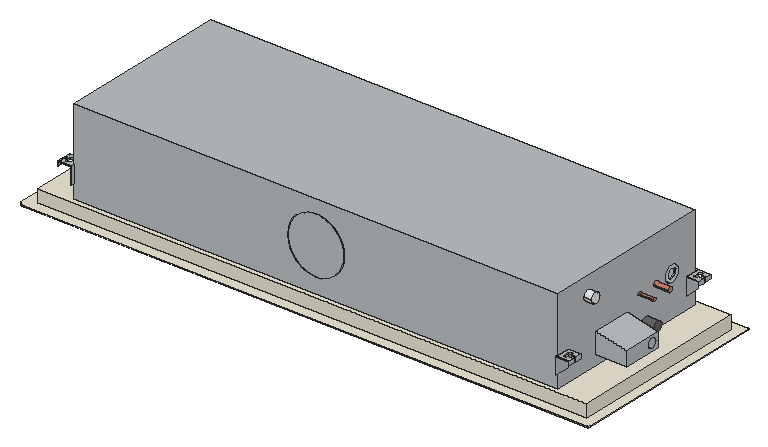
Revit family
Parameters (values of type "PLFY-P125VLMD-E")
  Description = "Ceiling concealed"
  Manufacturer = "Mitsubishi Electric Corporation"
  Model = "PLFY-P125VLMD-E"
  Type Comments = ""
  Width = 2010.00 mm
  Unit Weight(kg) = "56"
  URL = "http://global.mitsubishielectric.com/index.html"
  Suspension bolt pitch Depth [instance] = 574.00 mm
  Suspendion bolt pitch Width [instance] = 1756.00 mm
  Subcategory = "HVAC"
  Specification URL = "http://www.mitsubishielectric.eu/en/our_businesses/les"
  Sound Pressure Levels (dB(A)) = "40-42-44-46(220V, 240V), 40-42-44-46(230V)"
  Refrigerant type = "-"
  Refrigerant Charge = "-"
  Protection Devices Inverter = "Fuse"
  Protection Devices Fan = "-"
  Protection Devices Compressor = "-"
  Power source = "Galvanized"
  MOCP = "-"
  MCA = "-"
  Lubricant = "-"
  Liquid pipe = 4.76 mm
  Hight pressure Protection Device = "-"
  Height = ""
  Heating Power Input(kW) = "0.27/0.27"
  Heating Current(A) = "1.33/1.33"
  Heating Capacity (BTU) = "54600"
  Gus pipe = 7.94 mm
  Fan Type x Quantity = "Sirocco fan x 4"
  Fan Motor Output(kW) = "0.156"
  Depth [instance] = 710.00 mm
  Cooling Power Input(kW) = "0.28/0.28"
  Cooling Current(A) = "1.35/1.35"
  Cooling Capacity (BTU) = "47800"
  Connecting Pipe High pressure = "-"
  Compressor Type x Quantity = "-"
  Compressor Operating Range = "-"
  Compressor Motor Output = "-"
  Compressor Crankcase Heater = "-"
  Ceiling Opening Width [instance] = 1970.00 mm
  Ceiling Opening Depth [instance] = 670.00 mm
  Branch duct width = 754.00 mm
  Airflow Rate(cfm) = "848-953-1059-1165"
Reference planes
  plane 1 "中心(正面/背面)": y = 0
  plane 2: z = 0
  plane 3 "中心(左/右)": x = 0
  plane 4 "天井": z = 4000
  plane 5: x = 1005
  plane 6: x = -1005
  plane 7: y = 355
  plane 8: y = -355
  plane 9: x = -985
  plane 10: x = 985
  plane 11: x = -878
  plane 12: x = 878
  plane 13: x = 854
  plane 14: x = -854
  plane 15: y = -335
  plane 16: y = 335
  plane 17: y = -287
  plane 18: y = 287
  plane 19: y = 317
  plane 20: y = -317
  plane 21: z = 3980
  plane 22: z = 4045
  plane 23: z = 4345
  plane 24: z = 4153
  plane 25: z = 4079
  plane 26: y = -190
  plane 27: y = -120
  plane 28: y = 120
  plane 29: y = -95
  plane 30: y = 95
  plane 31: z = 4055
  plane 32: z = 4285
  plane 33: z = 4143
  plane 34: z = 4129
  plane 35: z = 4216
  plane 36: z = 4070
  plane 37: z = 4084
  plane 38: z = 4311
  plane 39: z = 4293
  plane 40: z = 4183
  plane 41: x = -967
  plane 42: x = 967
Forms (mm)
  Extrusion 1, solid, material "Plastic_Beige"
    sketch origin (0, 0, 4000) x (0, 1, 0) y (-1, 0, 0)
      loop
        arc (355, 995) -> (352.071, 1002.071) -> (345, 1005) r 10
        line (345, 1005) -> (-345, 1005)
        arc (-345, 1005) -> (-352.071, 1002.071) -> (-355, 995) r 10
        line (-355, 995) -> (-355, -995)
        arc (-355, -995) -> (-352.071, -1002.071) -> (-345, -1005) r 10
        line (-345, -1005) -> (345, -1005)
        arc (345, -1005) -> (352.071, -1002.071) -> (355, -995) r 10
        line (355, -995) -> (355, 995)
    from 0 to -20
  Extrusion 2, void
    sketch origin (0, 0, 0) x (1, 0, 0) y (0, 0, 1)
      loop
        arc (1005, 4000) -> (987.361, 3985.279) -> (965, 3980) r 50
        line (965, 3980) -> (1005, 3980) -> (1005, 4000)
      loop
        line (-1005, 4000) -> (-1005, 3980) -> (-965, 3980)
        arc (-965, 3980) -> (-987.361, 3985.279) -> (-1005, 4000) r 50
    from -355 to 355
  Extrusion 3, void
    sketch origin (0, 0, 0) x (0, 1, 0) y (0, 0, 1)
      loop
        line (-355, 4000) -> (-355, 3980) -> (-315, 3980)
        arc (-315, 3980) -> (-337.361, 3985.279) -> (-355, 4000) r 50
      loop
        arc (355, 4000) -> (337.361, 3985.279) -> (315, 3980) r 50
        line (315, 3980) -> (355, 3980) -> (355, 4000)
    from -1005 to 1005
  Extrusion 4, solid, material "Plastic_Beige"
    sketch origin (0, 0, 4000) x (0, 1, 0) y (-1, 0, 0)
      loop
        line (317, 967) -> (-317, 967) -> (-317, -967) -> (317, -967) -> (317, 967)
    from 0 to 45
  Extrusion 5, void
    sketch origin (0, 0, 4000) x (0, 1, 0) y (-1, 0, 0)
      loop
        line (306.206, 897.75) -> (240.206, 897.75) -> (240.206, -897.75) -> (304.803, -897.75)
        arc (304.803, -897.75) -> (312.246, -894.667) -> (315.329, -887.224) r 10.526
        line (315.329, -887.224) -> (315.329, 888.627)
        arc (315.329, 888.627) -> (312.657, 895.078) -> (306.206, 897.75) r 9.123
      loop
        arc (223.706, 887.75) -> (220.777, 894.821) -> (213.706, 897.75) r 10
        line (213.706, 897.75) -> (149.406, 897.75) -> (149.406, -897.75) -> (213.706, -897.75)
        arc (213.706, -897.75) -> (220.777, -894.821) -> (223.706, -887.75) r 10
        line (223.706, -887.75) -> (223.706, 887.75)
      loop
        arc (-306.206, 898.75) -> (-312.657, 896.078) -> (-315.329, 889.627) r 9.123
        line (-315.329, 889.627) -> (-315.329, -888.224)
        arc (-315.329, -888.224) -> (-312.246, -895.667) -> (-304.803, -898.75) r 10.526
        line (-304.803, -898.75) -> (-240.206, -898.75) -> (-240.206, 898.75) -> (-306.206, 898.75)
      loop
        line (-223.706, 888.75) -> (-223.706, -888.75)
        arc (-223.706, -888.75) -> (-220.777, -895.821) -> (-213.706, -898.75) r 10
        line (-213.706, -898.75) -> (-149.406, -898.75) -> (-149.406, 898.75) -> (-213.706, 898.75)
        arc (-213.706, 898.75) -> (-220.777, 895.821) -> (-223.706, 888.75) r 10
    from -5.146 to -40.01
  Extrusion 6, solid, material "Plated steel"
    sketch origin (0, 0, 4045) x (0, 1, 0) y (-1, 0, 0)
      loop
        line (-303, 854) -> (-303, -854) -> (303, -854) -> (303, 854) -> (-303, 854)
    from 0 to 300
  Extrusion 7, solid, material "Copper"
    sketch origin (854, -317, 4045) x (0, 1, 0) y (0, 0, 1)
      loop
        circle (442, 145) r 7.94
    from 0 to 55
  Extrusion 8, solid, material "Copper"
    sketch origin (0, 0, 0) x (0, 1, 0) y (0, 0, 1)
      loop
        circle (55, 4190) r 4.76
    from 854 to 909
  Blend 9, solid, material "Plated steel"
    base sketch origin (854, 347, 4197.405) x (0, -1, 0) y (0, 0, -1)
      loop
        line (347, 115) -> (347, 41.5) -> (485, 41.5) -> (485, 115) -> (347, 115)
    top sketch origin (854, 347, 4197.405) x (0, -1, 0) y (0, 0, -1)
      loop
        line (347, 115) -> (347, 65) -> (485, 65) -> (485, 115) -> (347, 115)
    from 0 to 112
  Extrusion 10, solid, material "Plastic_Gray"
    sketch origin (854, -317, 4045) x (0, 1, 0) y (0, 0, 1)
      loop
        circle (398, 45) r 16
    from 0 to 46
  Extrusion 11, solid, material "Plastic_White"
    sketch origin (854, -317, 4045) x (0, 1, 0) y (0, 0, 1)
      loop
        circle (144, 240) r 16.9
    from 0 to 29.2
  Extrusion 12, void
    sketch origin (854, -317, 4045) x (0, -1, 0) y (0, 0, 1)
      loop
        circle (-514, 145) r 19.25
    from 0 to 20
  Extrusion 13, solid
    sketch origin (854, -317, 4045) x (0, 1, 0) y (0, 0, 1)
      loop
        circle (514, 145) r 18.75
    from 0 to -8
  Extrusion 14, void
    sketch origin (854, -317, 4045) x (0, -1, 0) y (0, 0, 1)
      loop
        circle (-514, 145) r 17.75
    from 0 to 7
  Extrusion 15, solid
    sketch origin (854, -317, 4045) x (0, 1, 0) y (0, 0, 1)
      loop
        circle (514, 145) r 27.75
      loop
        circle (514, 145) r 17.75
    from 0 to 2
  Extrusion 16, solid, material "Plated steel"
    sketch origin (966, 403.553, 4194.999) x (0, -1, 0) y (0, 0, -1)
      loop
        circle (433.553, 84.999) r 15
    from 0 to 2
  Extrusion 17, void
    sketch origin (-854, -303, 4045) x (-1, 0, 0) y (0, 0, 1)
      loop
        circle (-856, 155) r 100
      loop
        circle (-856, 155) r 99
    from 0 to 2
  Extrusion 18, void
    sketch origin (-854, 317, 4045) x (0, 1, 0) y (0, 0, 1)
      loop
        circle (-317, 119) r 75
      loop
        circle (-317, 119) r 74
    from 0 to 2
Cuts and joins
  Extrusion 2, Extrusion 3, Extrusion 5 cuts Extrusion 1
  Extrusion 5 cuts Extrusion 4
  Extrusion 12, Extrusion 14, Extrusion 17, Extrusion 18 cuts Extrusion 6
  Extrusion 14 cuts Extrusion 13
Dimensions and locks
  equal spacing: host sketch curve, plane 3 "中心(左/右)", host sketch curve
  equal spacing: host sketch curve, plane 1 "中心(正面/背面)", host sketch curve
  host sketch curve to host sketch curve = 4000.00 mm  (x2)
  locked: plane 4 "天井" to host ceiling at 0
  "Width": plane 6 to plane 5
  equal spacing: plane 6, plane 3 "中心(左/右)", plane 5
  equal spacing: plane 8, plane 1 "中心(正面/背面)", plane 7
  "Depth": plane 8 to plane 7
  locked: plane 6 to plane 9 at 20
  locked: plane 10 to plane 5 at 20
  "Ceiling Opening Width": plane 9 to plane 10
  locked: plane 9 to plane 11 at 107
  locked: plane 12 to plane 10 at 107
  plane 5 to plane 13 = 151.00 mm
  plane 14 to plane 6 = 151.00 mm
  plane 13 to plane 14 = 1708.00 mm
  locked: plane 8 to plane 15 at 20
  locked: plane 16 to plane 7 at 20
  "Ceiling Opening Depth": plane 15 to plane 16
  locked: plane 8 to plane 17 at 68
  locked: plane 18 to plane 7 at 68
  "Suspension bolt pitch Depth": plane 17 to plane 18
  plane 20 to plane 19 = 634.00 mm
  equal spacing: plane 20, plane 1 "中心(正面/背面)", plane 19
  locked: host ceiling to plane 21 at 20
  locked: plane 22 to host ceiling at 45
  locked: plane 26 to plane 19 at 507
  locked: plane 27 to plane 20 at 197
  locked: plane 28 to plane 27 at 240
  locked: plane 30 to plane 29 at 190
  locked: plane 29 to plane 20 at 222
  locked: plane 22 to plane 31 at 10
  locked: plane 31 to plane 23 at 290
  locked: plane 24 to plane 23 at 192
  locked: plane 25 to plane 23 at 266
  locked: plane 32 to plane 23 at 60
  locked: plane 33 to plane 23 at 202
  locked: plane 34 to plane 23 at 216
  locked: plane 36 to plane 33 at 73
  locked: plane 37 to plane 34 at 45
  locked: plane 38 to plane 23 at 34
  locked: plane 39 to plane 23 at 52
  locked: plane 40 to plane 39 at 110
  locked: plane 42 to plane 5 at 38
  locked: plane 6 to plane 41 at 38
  locked: plane 6 to Extrusion 5 sketch curve at 107.25  (x2)
  locked: Extrusion 5 sketch curve to Extrusion 5 sketch curve at 66  (x2)
  Extrusion 5 sketch curve to Extrusion 5 sketch curve = 64.596 mm
  locked: Extrusion 5 sketch curve to plane 5 at 107.25  (x2)
  locked: Extrusion 5 sketch curve to Extrusion 5 sketch curve at 74.3  (x2)
  cut or joined group of Extrusion 1, Extrusion 2, Extrusion 3, Extrusion 5 to cut or joined group of Extrusion 1, Extrusion 2, Extrusion 3, Extrusion 5 = 5.146 mm
  Blend 9 sketch curve to plane 20 = 317.00 mm
  locked: Blend 9 sketch curve to Blend 9 sketch curve at 138
  plane 23 to Blend 9 sketch curve = 262.595 mm
  locked: Blend 9 sketch curve to Blend 9 sketch curve at 73.5
  Blend 9 sketch curve to Blend 9 sketch curve = 50.00 mm
  plane 15 to Extrusion 12 sketch curve = 532.00 mm
  Extrusion 12 sketch curve to plane 23 = 155.00 mm
  "Suspendion bolt pitch Width": plane 11 to plane 12
  Extrusion 11 sketch curve to cut or joined group of Extrusion 6, Extrusion 12, Extrusion 14, Extrusion 17, Extrusion 18 = 476.00 mm
  Extrusion 10 sketch curve to cut or joined group of Extrusion 6, Extrusion 12, Extrusion 14, Extrusion 17, Extrusion 18 = 222.00 mm
  cut or joined group of Extrusion 6, Extrusion 12, Extrusion 14, Extrusion 17, Extrusion 18 to Extrusion 10 sketch curve = 255.00 mm
  Extrusion 15 sketch curve to cut or joined group of Extrusion 6, Extrusion 12, Extrusion 14, Extrusion 17, Extrusion 18 = 106.00 mm
  cut or joined group of Extrusion 6, Extrusion 12, Extrusion 14, Extrusion 17, Extrusion 18 to Extrusion 15 sketch curve = 155.00 mm
  Extrusion 12 sketch curve to cut or joined group of Extrusion 6, Extrusion 12, Extrusion 14, Extrusion 17, Extrusion 18 = 106.00 mm
  cut or joined group of Extrusion 6, Extrusion 12, Extrusion 14, Extrusion 17, Extrusion 18 to Extrusion 12 sketch curve = 155.00 mm
  Extrusion 13 sketch curve to cut or joined group of Extrusion 6, Extrusion 12, Extrusion 14, Extrusion 17, Extrusion 18 = 106.00 mm
  cut or joined group of Extrusion 6, Extrusion 12, Extrusion 14, Extrusion 17, Extrusion 18 to Extrusion 13 sketch curve = 155.00 mm
  Extrusion 14 sketch curve to cut or joined group of Extrusion 6, Extrusion 12, Extrusion 14, Extrusion 17, Extrusion 18 = 106.00 mm
  cut or joined group of Extrusion 6, Extrusion 12, Extrusion 14, Extrusion 17, Extrusion 18 to Extrusion 14 sketch curve = 155.00 mm
  Extrusion 7 sketch curve to cut or joined group of Extrusion 6, Extrusion 12, Extrusion 14, Extrusion 17, Extrusion 18 = 178.00 mm
  cut or joined group of Extrusion 6, Extrusion 12, Extrusion 14, Extrusion 17, Extrusion 18 to Extrusion 7 sketch curve = 155.00 mm
  cut or joined group of Extrusion 6, Extrusion 12, Extrusion 14, Extrusion 17, Extrusion 18 to Extrusion 8 sketch curve = 155.00 mm
  Extrusion 8 sketch curve to cut or joined group of Extrusion 6, Extrusion 12, Extrusion 14, Extrusion 17, Extrusion 18 = 248.00 mm
  Extrusion 16 sketch curve to cut or joined group of Extrusion 6, Extrusion 12, Extrusion 14, Extrusion 17, Extrusion 18 = 333.00 mm
  cut or joined group of Extrusion 6, Extrusion 12, Extrusion 14, Extrusion 17, Extrusion 18 to Extrusion 16 sketch curve = 235.00 mm
  cut or joined group of Extrusion 6, Extrusion 12, Extrusion 14, Extrusion 17, Extrusion 18 to Extrusion 17 sketch curve = 856.00 mm
  Extrusion 17 sketch curve to cut or joined group of Extrusion 6, Extrusion 12, Extrusion 14, Extrusion 17, Extrusion 18 = 145.00 mm
  Extrusion 18 sketch curve to cut or joined group of Extrusion 6, Extrusion 12, Extrusion 14, Extrusion 17, Extrusion 18 = 303.00 mm
  cut or joined group of Extrusion 6, Extrusion 12, Extrusion 14, Extrusion 17, Extrusion 18 to Extrusion 18 sketch curve = 181.00 mm
  "Gus pipe": radius of Extrusion 7 sketch curve
  "Liquid pipe": radius of Extrusion 8 sketch curve
  aligned and locked: Extrusion 1 sketch curve to plane 7
  aligned and locked: Extrusion 1 sketch curve to plane 6
  aligned and locked: plane 8 to Extrusion 1 sketch curve
  aligned and locked: plane 5 to Extrusion 1 sketch curve
  aligned and locked: plane 21 to Extrusion 1
  aligned and locked: plane 8 to Extrusion 2
  aligned and locked: Extrusion 2 to plane 7
  aligned and locked: Extrusion 2 sketch curve to plane 6
  aligned and locked: Extrusion 2 sketch curve to plane 21
  aligned and locked: Extrusion 3 sketch curve to plane 8
  aligned and locked: plane 21 to Extrusion 3 sketch curve
  aligned and locked: Extrusion 3 sketch curve to plane 21
  aligned and locked: Extrusion 3 sketch curve to plane 7
  aligned and locked: Extrusion 3 to plane 5
  aligned and locked: Extrusion 3 to plane 6
  aligned and locked: Extrusion 4 to plane 22
  aligned and locked: plane 19 to Extrusion 4 sketch curve
  aligned and locked: plane 41 to Extrusion 4 sketch curve
  aligned and locked: Extrusion 4 sketch curve to plane 42
  aligned and locked: Extrusion 4 sketch curve to plane 20
  aligned and locked: Extrusion 6 sketch curve to plane 14
  aligned and locked: plane 13 to Extrusion 6 sketch curve
  aligned and locked: Extrusion 6 to plane 23
  aligned and locked: nested 1 to plane 24
  aligned and locked: plane 18 to nested 1
  aligned: plane 11 to nested 1
  aligned and locked: nested 2 to plane 24
  aligned and locked: plane 17 to nested 2
  aligned and locked: nested 2 to Extrusion 6
  aligned and locked: Extrusion 6 to nested 3
  aligned and locked: Extrusion 6 to nested 4
  aligned and locked: plane 24 to nested 4
  aligned and locked: plane 17 to nested 4
  aligned and locked: plane 24 to nested 3
  aligned and locked: plane 18 to nested 3
  aligned and locked: Extrusion 8 to Extrusion 7
  aligned and locked: Extrusion 8 to plane 13
  aligned and locked: var sketch to Blend 9 sketch curve
  aligned and locked: Blend 9 sketch curve to var sketch
  aligned and locked: nested 1 to cut or joined group of Extrusion 6, Extrusion 12, Extrusion 14, Extrusion 17, Extrusion 18
Automatic sketch dimensions
  plane 4 "天井" to Extrusion 3 sketch curve = 0.00 mm  (x2)
  Extrusion 3 sketch curve to plane 20 = 2.00 mm
  plane 19 to Extrusion 3 sketch curve = 2.00 mm
  Extrusion 5 sketch curve to plane 20 = 1.671 mm
  Extrusion 5 sketch curve to plane 20 = 10.794 mm
  Extrusion 5 sketch curve to plane 20 = 12.197 mm
  Extrusion 5 sketch curve to Extrusion 5 sketch curve = 16.50 mm  (x2)
  Extrusion 5 sketch curve to Extrusion 5 sketch curve = 10.00 mm  (x4)
  plane 19 to Extrusion 5 sketch curve = 1.671 mm
  plane 12 to Extrusion 5 sketch curve = 20.75 mm  (x2)
  Extrusion 5 sketch curve to plane 11 = 10.75 mm
  Extrusion 5 sketch curve to plane 11 = 11.627 mm
  Extrusion 1 sketch curve to plane 8 = 10.00 mm
  Extrusion 1 sketch curve to Extrusion 1 sketch curve = 10.00 mm  (x2)
  plane 6 to Extrusion 1 sketch curve = 10.00 mm
  Extrusion 2 sketch curve to plane 21 = 0.00 mm
  Extrusion 2 sketch curve to plane 5 = 0.00 mm
  Extrusion 2 sketch curve to plane 4 "天井" = 0.00 mm  (x2)
  plane 41 to Extrusion 2 sketch curve = 2.00 mm
  Extrusion 2 sketch curve to plane 42 = 2.00 mm
  Extrusion 6 to Extrusion 11 sketch curve = 60.00 mm
  Extrusion 14 sketch curve to Extrusion 14 sketch curve = 17.75 mm
  Extrusion 6 sketch curve to Extrusion 4 = 14.00 mm  (x2)
  Extrusion 15 sketch curve to Extrusion 15 sketch curve = 0.00 mm  (x2)
  Extrusion 15 sketch curve to Extrusion 15 sketch curve = 17.75 mm
  Extrusion 15 sketch curve to Extrusion 15 sketch curve = 10.00 mm
  Extrusion 13 sketch curve to Extrusion 13 sketch curve = 18.75 mm
  Extrusion 5 sketch curve to plane 28 = 29.406 mm
  Extrusion 6 to Blend 9 sketch curve = 212.595 mm
  radius of Extrusion 10 sketch curve = 16.00 mm
  radius of Extrusion 11 sketch curve = 16.90 mm
  radius of Extrusion 12 sketch curve = 19.25 mm
  radius of Extrusion 16 sketch curve = 15.00 mm
  radius of Extrusion 17 sketch curve = 100.00 mm
  radius of Extrusion 18 sketch curve = 75.00 mm
Nested families
  nested 1: "LEG_KB02K883" at (-878, 287, 4153) x (0, -1, 0) z (0, 0, 1), type "LEG_24"
  nested 2: "LEG_KB02K883" at (-878, -287, 4153) x (0, -1, 0) z (0, 0, 1), type "LEG_24"
  nested 3: "LEG_KB02K883" at (878, 287, 4153) x (0, -1, 0) z (0, 0, 1), type "LEG_24"
  nested 4: "LEG_KB02K883" at (878, -287, 4153) x (0, -1, 0) z (0, 0, 1), type "LEG_24"
Connectors
  piping at (909, 125, 4190), driven by "Gus pipe"
    settings: on Extrusion 7, index 1, connector radius 7.94 mm, flow factor 0, pipe flow 0.0 L/s, pressure drop 0.0 Pa, fitting loss kfactor 0, connector angle 0.00°, fixture units 0, flow configuration 2, flow direction 0, fitting loss method 0, system type 22, connector reference index -1, connector utility 0, adjustable connector no, is connector primary yes, fitting loss table "", connector description ""
  piping at (909, 55, 4190), driven by "Liquid pipe"
    settings: on Extrusion 8, index 2, connector radius 4.76 mm, flow factor 0, pipe flow 0.0 L/s, pressure drop 0.0 Pa, fitting loss kfactor 0, connector angle 0.00°, fixture units 0, flow configuration 2, flow direction 0, fitting loss method 0, system type 22, connector reference index -1, connector utility 0, adjustable connector no, is connector primary no, fitting loss table "", connector description ""
  electrical at (968, -30, 4110)
    settings: on Extrusion 16, index 3, voltage 0 V, apparent load 0 VA, apparent load phase1 0 VA, apparent load phase2 0 VA, apparent load phase3 0 VA, power factor 1, load classification "その他", number of poles 3, system type 30, power factor state 1, is connector primary yes, connector utility no, sub classification motor no, connector description ""
  piping at (883.2, -173, 4285)
    settings: on Extrusion 11, index 4, connector radius 16.9 mm, flow factor 0, pipe flow 0.0 L/s, pressure drop 0.0 Pa, fitting loss kfactor 0, connector angle 0.00°, fixture units 0, flow configuration 2, flow direction 2, fitting loss method 0, system type 22, connector reference index -1, connector utility 0, adjustable connector no, is connector primary no, fitting loss table "", connector description ""
  piping at (900, 81, 4090)
    settings: on Extrusion 10, index 5, connector radius 16 mm, flow factor 0, pipe flow 0.0 L/s, pressure drop 0.0 Pa, fitting loss kfactor 0, connector angle 0.00°, fixture units 0, flow configuration 2, flow direction 2, fitting loss method 0, system type 22, connector reference index -1, connector utility 0, adjustable connector no, is connector primary no, fitting loss table "", connector description ""
Definition of nested family "LEG_KB02K883"
  Parameters (values of type "LEG_24")
    product distance = 24.00 mm
  Types (3, lengths in mm): name | product distance
    (no name) | 24.00
    LEG_28 | 28.00
    LEG_24 | 24.00
  Reference planes
    plane 1 "中心(正面/背面)": y = 0
    plane 2: z = 0
    plane 3 "中心(左/右)": x = 0
    plane 4: x = -25
    plane 5: x = 25
    plane 6: y = -23
    plane 7: y = 24
    plane 8: x = -8
    plane 9: x = 8
    plane 10: x = -6
    plane 11: x = 6
  Forms (mm)
    Extrusion 1, solid, material "Plated steel"
      sketch origin (0, 0, 0) x (1, 0, 0) y (0, 1, 0)
        loop
          line (-25, 24) -> (-25, -23) -> (25, -23) -> (25, 24) -> (-25, 24)
      from 0 to -60
    Extrusion 2, void
      sketch origin (0, 0, 0) x (0, 1, 0) y (0, 0, 1)
        loop
          line (-20.7, -2.3) -> (-20.7, -15) -> (-23, -15) -> (-23, -60) -> (22, -60) -> (22, -2.3) -> (-20.7, -2.3)
      from -25 to 25
    Extrusion 3, void
      sketch origin (0, 0, 0) x (1, 0, 0) y (0, 1, 0)
        loop
          arc (-8, 7) -> (-15, 0) -> (-8, -7) r 7
          line (-8, -7) -> (-6, -7) -> (-6, -23) -> (6, -23) -> (6, -7) -> (8, -7)
          arc (8, -7) -> (15, 0) -> (8, 7) r 7
          line (8, 7) -> (-8, 7)
      from 0 to -60
  Cuts and joins
    Extrusion 2, Extrusion 3 cuts Extrusion 1
  Dimensions and locks
    locked: Extrusion 1 sketch curve to Extrusion 1 sketch curve at 50
    equal spacing: Extrusion 1 sketch curve, plane 3 "中心(左/右)", Extrusion 1 sketch curve
    locked: plane 6 to plane 1 "中心(正面/背面)" at 23
    "product distance": plane 1 "中心(正面/背面)" to plane 7
    locked: plane 7 to Extrusion 2 sketch curve at 2
    locked: cut or joined group of Extrusion 1, Extrusion 2, Extrusion 3 to cut or joined group of Extrusion 1, Extrusion 2, Extrusion 3 at 2.3  (x2)
    aligned and locked: level to plane 2
    aligned and locked: Extrusion 2 to Extrusion 1
    aligned and locked: Extrusion 1 to Extrusion 2
    aligned and locked: Extrusion 2 sketch curve to cut or joined group of Extrusion 1, Extrusion 2, Extrusion 3  (x2)
    aligned and locked: cut or joined group of Extrusion 1, Extrusion 2, Extrusion 3 to Extrusion 3 sketch curve
    aligned and locked: plane 6 to Extrusion 1 sketch curve
    aligned and locked: Extrusion 1 sketch curve to plane 7
  Automatic sketch dimensions
    Extrusion 2 sketch curve to plane 6 = 2.30 mm
    Extrusion 2 sketch curve to level = 15.00 mm
    Extrusion 2 sketch curve to level = 2.30 mm
    plane 1 "中心(正面/背面)" to Extrusion 3 sketch curve = 0.00 mm  (x2)
    Extrusion 3 sketch curve to plane 8 = 0.00 mm
    Extrusion 3 sketch curve to plane 10 = 0.00 mm
    Extrusion 3 sketch curve to plane 11 = 0.00 mm
    Extrusion 3 sketch curve to plane 9 = 0.00 mm  (x2)
    plane 1 "中心(正面/背面)" to Extrusion 3 sketch curve = 7.00 mm
